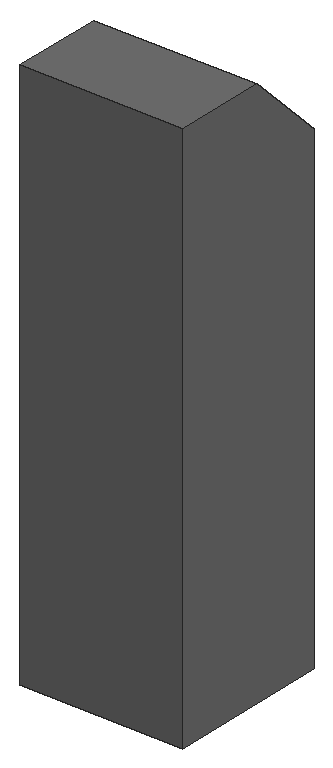
Revit family "Subwoofer-Meyer_Sound-USW_210P", category Communication Devices, host Face, Revit 2015
Parameters (values of type "USW-210P")
  z angle Twist [instance] = if(Has MUB Mount, 0.00°, 90.00°)  # 90.00°
  z Wall Speaker on Side Right [instance] = 1 = 0  # no
  z Wall Speaker on Side Left [instance] = 1 = 0  # no
  z Visible Sub Mub [instance] = if(z Error, 1 = 0, if(Has MUB Mount, 1 = 1, 1 = 0))  # no
  z Visible Sub Base Plate [instance] = if(z Error, 1 = 0, if(Has Sub Base Plate, 1 = 1, 1 = 0))  # no
  z Visible Speaker [instance] = if(z Error, 1 = 0, 1 = 1)  # yes
  z Visible Rain Hood [instance] = if(z Error, 1 = 0, if(Has Rain Hood, 1 = 1, 1 = 0))  # no
  z Speaker on Back [instance] = 1 = 0  # no
  z Ref [instance] = if(Speaker is Upside Down, 0.000", 0.000")  # 0.000"
  z Offset Height [instance] = if(Has MUB Mount, 9.390", if(Has Sub Base Plate, 21.015", if(and(Speaker is Upright, z Visible Sub Mub), 20.640", if(z ANGLE = 90.00°, 20.415", if(z ANGLE = 270.00°, 20.415", 6.000")))))  # 20.415"
  z Masking Region Right Upside Down Visible [instance] = 1 = 0  # no
  z Masking Region Right Upright Visible [instance] = if(and(Speaker is Upright, Has MUB Mount), 1 = 0, if(Speaker on Side Right, 1 = 1, if(Speaker on Side Left, 1 = 1, if(Speaker is Upright, 1 = 1, if(Speaker is Upside Down, 1 = 1, 1 = 0)))))  # yes
  z Masking Region Right Back Visible [instance] = if(Has MUB Mount, 1 = 1, 1 = 0)  # no
  z Masking Region Hood Right [instance] = and(not(z Error), Speaker on Side Right, Has Rain Hood)  # no
  z Masking Region Hood MUB [instance] = and(not(z Error), Has MUB Mount, Has Rain Hood)  # no
  z Masking Region Hood Left [instance] = and(not(z Error), Speaker on Side Left, Has Rain Hood)  # no
  z Error Width [instance] = if(z Error, Width, 1.000")  # 1.000"
  z Error Message [instance] = if(and(or(Speaker is Upright, Speaker is Upside Down, Speaker on Side Left, Speaker on Side Right), Has MUB Mount), "Error: Deselect the Speaker Orientation Option to Utilize the MUB Mount", if(and(Has Sub Base Plate, or(Speaker on Side Left, Speaker on Side Right)), "Error: Speaker Must Be In a Vertical Orientation to Utilize the Base Plate", if(and(Has Sub Base Plate, Has MUB Mount), "Error: Select One Mounting Option", if((if(Speaker is Upright, 1, 0) + if(Speaker is Upside Down, 1, 0) + if(Speaker on Side Left, 1, 0) + if(Speaker on Side Right, 1, 0)) > 1, "Error: Select One Speaker Orientation", if(not((if(Speaker is Upright, 1, 0) + if(Speaker is Upside Down, 1, 0) + if(Speaker on Side Left, 1, 0) + if(Speaker on Side Right, 1, 0) + if(Has MUB Mount, 1, 0)) = 1), "Error: Select a Speaker Orientation or Mounting Option", if(and(Has Rain Hood, or(Speaker is Upright, Speaker is Upside Down)), "Error: The Rain Hood is Not Available with the Upright or Upside Down Configurations", "Available"))))))  # "Available"
  z Error Height [instance] = if(z Error, Height, 1.000")  # 1.000"
  z Error Depth [instance] = if(z Error, Depth, 1.000")  # 1.000"
  z Error [instance] = if(and(or(Speaker is Upright, Speaker is Upside Down, Speaker on Side Left, Speaker on Side Right), Has MUB Mount), 1 = 1, if(and(Has Sub Base Plate, or(Speaker on Side Left, Speaker on Side Right)), 1 = 1, if(and(Has Sub Base Plate, Has MUB Mount), 1 = 1, if((if(Speaker is Upright, 1, 0) + if(Speaker is Upside Down, 1, 0) + if(Speaker on Side Left, 1, 0) + if(Speaker on Side Right, 1, 0)) > 1, 1 = 1, if(not((if(Speaker is Upright, 1, 0) + if(Speaker is Upside Down, 1, 0) + if(Speaker on Side Left, 1, 0) + if(Speaker on Side Right, 1, 0) + if(Has MUB Mount, 1, 0)) = 1), 1 = 1, if(and(Has Rain Hood, or(Speaker is Upright, Speaker is Upside Down)), 1 = 1, 1 = 0))))))  # no
  z Back Tilt Angle [instance] = 0.00°  # constant formula
  z ANGLE [instance] = if(Has MUB Mount, 180.00°, if(Speaker is Upside Down, 270.00°, if(Speaker on Side Left, 0.00°, if(Speaker on Side Right, 180.00°, 90.00°))))  # 90.00°
  Width [instance] = if(or(Speaker is Upright, Speaker is Upside Down), 12.000", if(or(Speaker on Side Left, Speaker on Side Right), 41.330", 12.000"))  # 12.000"
  Weight = 0.00 lbf
  URL = "https://www.meyersound.com/"
  Speaker on Side Right [instance] = no
  Speaker on Side Left [instance] = no
  Speaker is Upside Down [instance] = no
  Speaker is Upright [instance] = yes
  Speaker Tilt Angle [instance] = if(Has MUB Mount, if(Speaker Angle Desired < -90.00°, -90.00°, if(Speaker Angle Desired > 90.00°, 90.00°, Speaker Angle Desired)), 0.00°)  # 0.00°
  Speaker Angle Desired [instance] = 0.00°
  Product Page URL = ""
  Product Material = Plywood - Meyer Sound - Premium Birch - Black
  Product Documentation Link = ""
  Power Factor = 0
  Part Number [instance] = Model  # "USW-210P"
  Part Description [instance] = Description  # "Subwoofer"
  Original Creation Date = "October 7, 2018"  # constant formula
  Number of Poles = 1
  Model Disclaimer = "For More Information, Contact Meyer Sound Laboratories Inc."  # constant formula
  Model = "USW-210P"  # constant formula
  Manufacturer = "Meyer Sound Laboratories Inc."  # constant formula
  Load Classification = Other
  Height [instance] = if(or(Speaker is Upright, Speaker is Upside Down), 41.330", if(or(Speaker on Side Right, Speaker on Side Left), 12.000", 41.330"))  # 41.330"
  Has Sub Base Plate [instance] = no
  Has MUB Mount [instance] = no
  Has Rain Hood [instance] = no
  Family Version = "1.0"  # constant formula
  Equipment Number [instance] = ""
  Equipment Abbreviation = "AE"
  Description = "Subwoofer"  # constant formula
  Depth [instance] = if(or(Speaker is Upright, Speaker is Upside Down), 12.000", 12.000")  # 12.000"
  Default Elevation = 48.000"
  Date Last Modified = "October 7, 2018"  # constant formula
  Copyright = "Copyright © Meyer Sound Laboratories Inc."  # constant formula
  Configuration [instance] = if(z Error, z Error Message, "Available")  # "Available"
  Apparent Load [instance] = 0 VA
  Amperage [instance] = 0 A
  Accessory Part Number [instance] = if(and(Has MUB Mount, Has Rain Hood), "USW-210P MUB, USW-210P Rain Hood", if(and(Has Sub Base Plate, Has Rain Hood), "USW-210P Base Plate, USW-210P Rain Hood", if(Has Rain Hood, "USW-210P Rain Hood", if(Has MUB Mount, "USW-210P MUB", if(Has Sub Base Plate, "USW-210P Base Plate", "Not Selection Made")))))  # "Not Selection Made"
  AC Voltage [instance] = 0 V
Reference planes (in)
  plane 1 "Center (Front/Back)": y = 0
  plane 2: z = 0
  plane 3 "Center (Left/Right)": x = 0
  plane 4: z = 20.415
  plane 5 "z Ref": z = 0
Forms (in)
  Extrusion 1, solid, material "Error Box", visible <- "z Error"
    sketch origin (0, 0, 0) x (1, 0, 0) y (0, 1, 0)
      loop
        line (-0.5, 0.5) -> (-0.5, -0.5) -> (0.5, -0.5) -> (0.5, 0.5) -> (-0.5, 0.5)
    from 0 to 1
Lines and regions (in)
  Masking region 1, visible <- "z Masking Region Hood Right"
    outline origin (-60, -180, 20.415) x (-1, 0, 0) y (0, -1, 0)
      loop
        line (-75.74126, -185.14374) -> (-79.14598, -181.73902) -> (-79.61721, -182.21025)
        arc (-79.61721, -182.21025) -> (-79.61721, -185.61497) -> (-76.2125, -185.61497) r 2.4075
        line (-76.2125, -185.61497) -> (-75.74126, -185.14374)
  Masking region 2, visible <- "z Masking Region Hood Left"
    outline origin (-60, -180, 20.415) x (-1, 0, 0) y (0, -1, 0)
      loop
        line (-44.25874, -185.14374) -> (-43.7875, -185.61497)
        arc (-43.7875, -185.61497) -> (-40.38279, -185.61497) -> (-40.38279, -182.21025) r 2.4075
        line (-40.38279, -182.21025) -> (-40.85402, -181.73902) -> (-44.25874, -185.14374)
  Masking region 3, visible <- "z Masking Region Hood MUB"
    outline origin (0, 0, 0) x (1, 0, 0) y (0, 0, 1)
      loop
        line (15.74126, 4.24626) -> (16.2125, 3.77503)
        arc (16.2125, 3.77503) -> (19.61721, 3.77503) -> (19.61721, 7.17975) r 2.4075
        line (19.61721, 7.17975) -> (19.14598, 7.65098) -> (15.74126, 4.24626)
  reference lines
    curve 1: line (0, 0, 20.415) -> (0, 0, 10.915)
    curve 2: line (0, 0, 20.415) -> (-5.5, 0, 20.415)
Dimensions and locks (in)
  "z Offset Height": plane 4 to plane 5 "z Ref"
  "z Ref": plane 2 to plane 5 "z Ref"
  equal spacing: Extrusion 1 sketch curve, plane 3 "Center (Left/Right)", Extrusion 1 sketch curve
  equal spacing: Extrusion 1 sketch curve, plane 1 "Center (Front/Back)", Extrusion 1 sketch curve
  "z Error Depth": Extrusion 1 sketch curve to Extrusion 1 sketch curve
  "z Error Width": Extrusion 1 sketch curve to Extrusion 1 sketch curve
  "z Error Height": Extrusion 1 to plane 2
  plane 3 "Center (Left/Right)" to Masking region 1 sketch curve to Masking region 1 sketch curve to Masking region 1 sketch curve to Masking region 1 sketch curve to Masking region 1 sketch curve = 15.74126" locked, 0.47123" locked, 1.70236" locked, 1.23113" locked, 0.47123" locked
  plane 1 "Center (Front/Back)" to Masking region 1 sketch curve to Masking region 1 sketch curve to Masking region 1 sketch curve to Masking region 1 sketch curve = 1.73902" locked, 0.47123" locked, 2.93348" locked, 0.47123" locked
  Masking region 2 sketch curve to Masking region 2 sketch curve to Masking region 2 sketch curve to Masking region 2 sketch curve to Masking region 2 sketch curve to plane 3 "Center (Left/Right)" = 0.47123" locked, 1.23113" locked, 1.70236" locked, 0.47123" locked, 15.74126" locked
  plane 1 "Center (Front/Back)" to Masking region 2 sketch curve to Masking region 2 sketch curve to Masking region 2 sketch curve to Masking region 2 sketch curve = 1.73902" locked, 0.47123" locked, 2.93348" locked, 0.47123" locked
  Masking region 3 sketch curve to Masking region 3 sketch curve to Masking region 3 sketch curve to Masking region 3 sketch curve to Masking region 3 sketch curve to plane 3 "Center (Left/Right)" = 0.47123" locked, 1.23113" locked, 1.70236" locked, 0.47123" locked, 15.74126" locked
  Masking region 3 sketch curve to Masking region 3 sketch curve to Masking region 3 sketch curve to Masking region 3 sketch curve to plane 2 = 0.47123" locked, 2.93348" locked, 0.47123" locked, 3.77503" locked
  "z ANGLE": angle curve 2 to curve 1
  "z angle Twist": angle plane 4 to curve 1
  aligned and locked: plane 2 to host face
  aligned and locked: level to host face
  aligned and locked: Extrusion 1 to plane 2
  aligned and locked: plane 4 to curve 1
  aligned and locked: plane 1 "Center (Front/Back)" to curve 1
  aligned and locked: curve 2 to curve 1  (x2)
Automatic sketch dimensions
  host sketch curve to host sketch curve = 1.000"  (x2)
Nested families (in)
  nested 1: "APL Subwoofer" at (0, -0.28, 20.415), angle <- "z Back Tilt Angle", speaker tilt angle <- "Speaker Tilt Angle", visible <- "z Visible Speaker", Speaker Material <- "Product Material", Speaker Trim Material <- "Product Material", type "Standard"
    with z Masking Region Right Upside Down Visible no, z Masking Region Right Upright Visible yes, z Masking Region Right Back Visible no, speaker tilt angle 0.00°, angle 0.00°, Speaker Trim Material Plywood - Meyer Sound - Premium Birch - Black, Speaker Screen Material Speaker Mesh - Meyer Sound - Black, Speaker Material Plywood - Meyer Sound - Premium Birch - Black, Masking Region Offset Front 0.000", Masking Region Length 12.500", Masking Region Front Top 20.415", Masking Region Front Bottom 20.415", Height 0.000"
  nested 2: "APL Sub MUB" at (0, -2.405, 10) x (0, 1, 0) z (-1, 0, 0), visible <- "z Visible Sub Mub", Product Material <- "Product Material", type "Standard"
    with Product Material Plywood - Meyer Sound - Premium Birch - Black
  nested 3: "APL Sub Base Plate" at (0, 0, 0), visible <- "z Visible Sub Base Plate", Product Material <- "Product Material", type "Standard"
    with Product Material Plywood - Meyer Sound - Premium Birch - Black
  nested 4: "APL Sub Hood" at (0, 3.44315, 37.85685) x (-1, 0, 0) z (0, 0.7071, 0.7071), visible <- "z Visible Rain Hood", Product Material <- "Product Material", type "Standard"
    with Product Material Plywood - Meyer Sound - Premium Birch - Black
Connectors (in)
  electrical at (0, 3.095, 38.205), driven by "Number of Poles", driven by "Load Classification", driven by "AC Voltage", driven by "Apparent Load", driven by "Power Factor"
    settings: on nested 1, index 1, voltage 0 V, apparent load 0 VA, apparent load phase1 0 VA, apparent load phase2 0 VA, apparent load phase3 0 VA, power factor 0, load classification "Other", number of poles 1, system type 30, power factor state 1, is connector primary yes, connector utility no, sub classification motor no, connector description "Power Connector"
  electrical at (0, 3.095, 38.205)
    settings: on nested 1, index 2, voltage 0 V, apparent load 0 VA, apparent load phase1 0 VA, apparent load phase2 0 VA, apparent load phase3 0 VA, power factor 1, load classification "Other", number of poles 1, system type 5, power factor state 1, is connector primary no, connector utility no, sub classification motor no, connector description "Data Connector"
Definition of nested family "APL Subwoofer"
  Parameters (values of type "Standard")
    z Masking Region Right Upside Down Visible [instance] = yes
    z Masking Region Right Upright Visible [instance] = yes
    z Masking Region Right Back Visible [instance] = yes
    speaker tilt angle [instance] = 0.00°
    angle [instance] = 0.00°
    Speaker Trim Material [instance] = none
    Speaker Screen Material [instance] = none
    Speaker Material [instance] = none
    Masking Region Offset Front [instance] = if(angle = 90.00°, 6.000", if(angle = 180.00°, 46.000", 0.000"))  # 0.000"
    Masking Region Length [instance] = if(angle = 90.00°, 41.330", 12.500")  # 12.500"
    Masking Region Front Top [instance] = if(angle = 90.00°, 6.000", 20.415")  # 20.415"
    Masking Region Front Bottom [instance] = if(angle = 90.00°, 6.000", 20.415")  # 20.415"
    Height [instance] = if(angle = 0.00°, 0.000", if(angle = 180.00°, 0.000", 6.000"))  # 0.000"
    Default Elevation = 48.000"
    Back Angle = 0.00°
  Reference planes (in)
    plane 1 "Center (Front/Back)": y = 0
    plane 2: z = 0
    plane 3 "Center (Left/Right)": x = 0
    plane 4: z = 0
    plane 5 "Offset Front": z = 0
  Forms (in)
    Extrusion 1, solid, material <- "Speaker Material"
      sketch origin (0, 0, 0) x (0, 1, 0) y (0, 0, 1)
        loop
          line (-6, 20.415) -> (-6, -20.415) -> (6, -20.415) -> (6, 15.165) -> (0.75, 20.415) -> (-6, 20.415)
      from -6 to 6
  Lines and regions (in)
    Masking region 1
      outline origin (0, 0, 0) x (1, 0, 0) y (0, 1, 0)
        loop
          line (-6.25, 6.25) -> (-6.25, -6.25) -> (6.25, -6.25) -> (6.25, 6.25) -> (-6.25, 6.25)
    Masking region 2
      outline origin (0, 0, 0) x (1, 0, 0) y (0, 0, 1)
        loop
          line (-6, 20.415) -> (-6, -20.415) -> (6, -20.415) -> (6, 20.415) -> (-6, 20.415)
    Masking region 3, visible <- "z Masking Region Right Upright Visible"
      outline origin (0, 14.66406, -12.32813) x (0, 1, 0) y (0, 0, 1)
        loop
          line (-8.66406, -8.08687) -> (-8.66406, 27.49312) -> (-13.91406, 32.74312) -> (-20.66406, 32.74312) -> (-20.66406, -8.08687) -> (-8.66406, -8.08687)
    Masking region 4, visible <- "z Masking Region Right Back Visible"
      outline origin (0, 0, 0) x (0, 1, 0) y (0, 0, 1)
        loop
          line (-20.41448, 6) -> (-20.41448, -6.00061) -> (15.16012, -6.00061) -> (20.415, 0) -> (20.415, 6) -> (-20.41448, 6)
    Masking region 5, visible <- "z Masking Region Right Upside Down Visible"
      outline origin (0, -14.66406, 104.32813) x (0, -1, 0) y (0, 0, -1)
        loop
          line (-8.66406, 83.91313) -> (-8.66406, 119.49312) -> (-13.91406, 124.74313) -> (-20.66406, 124.74312) -> (-20.66406, 83.91313) -> (-8.66406, 83.91313)
    reference lines
      curve 1: line (0, 0, 0) -> (0, 23, 0)
  Dimensions and locks (in)
    Extrusion 1 sketch curve to Extrusion 1 sketch curve = 40.830"
    "Height": plane 4 to plane 2
    equal spacing: Masking region 1, plane 1 "Center (Front/Back)", Masking region 1
    "Masking Region Length": Masking region 1 to Masking region 1
    plane 5 "Offset Front" to plane 2 = 0.000"
    "Masking Region Offset Front": plane 5 "Offset Front" to plane 2
    "Masking Region Front Top": Masking region 2 sketch curve to plane 5 "Offset Front"
    "Masking Region Front Bottom": plane 5 "Offset Front" to Masking region 2 sketch curve
    locked: Masking region 3 sketch curve to Masking region 3 sketch curve at 40.83
    locked: Masking region 3 sketch curve to Masking region 3 sketch curve at 12
    locked: Masking region 3 sketch curve to Masking region 3 sketch curve at 7.42462
    locked: plane 5 "Offset Front" to Masking region 3 at 20.415
    locked: Masking region 3 to plane 5 "Offset Front" at 20.415
    locked: Masking region 3 to plane 1 "Center (Front/Back)" at 6
    locked: plane 1 "Center (Front/Back)" to Masking region 3 at 6
    locked: Masking region 4 sketch curve to Masking region 4 sketch curve at 12.00061
    locked: Masking region 4 sketch curve to Masking region 4 sketch curve at 40.82948
    locked: Masking region 4 sketch curve to Masking region 4 sketch curve at 7.97629
    locked: Masking region 4 sketch curve to Masking region 4 sketch curve at 6
    Masking region 5 sketch curve to plane 5 "Offset Front" to Masking region 5 sketch curve = 20.415" locked, 20.415" locked
    locked: Masking region 5 sketch curve to Masking region 5 sketch curve at 12
    locked: Masking region 5 sketch curve to Masking region 5 sketch curve at 7.42462
    "speaker tilt angle": angle plane 3 "Center (Left/Right)" to curve 1
    aligned and locked: plane 2 to level
    aligned and locked: plane 1 "Center (Front/Back)" to curve 1
    aligned and locked: plane 3 "Center (Left/Right)" to curve 1
  Automatic sketch dimensions
    Masking region 1 sketch curve to plane 3 "Center (Left/Right)" = 6.250"
    plane 3 "Center (Left/Right)" to Masking region 1 sketch curve = 6.250"
    plane 1 "Center (Front/Back)" to Masking region 1 sketch curve = 6.250"
    Masking region 1 sketch curve to plane 1 "Center (Front/Back)" = 6.250"
    plane 4 to Masking region 3 sketch curve = 20.415"
    plane 1 "Center (Front/Back)" to Masking region 3 sketch curve = 6.000"
    Masking region 3 sketch curve to plane 1 "Center (Front/Back)" = 0.750"
    plane 4 to Masking region 4 sketch curve = 0.000"
    plane 1 "Center (Front/Back)" to Masking region 4 sketch curve = 20.41448"
    Masking region 5 sketch curve to plane 1 "Center (Front/Back)" = 6.000"
    plane 1 "Center (Front/Back)" to Masking region 5 sketch curve = 0.750"
    Extrusion 1 sketch curve to curve 1 = 6.000"
    curve 1 to Extrusion 1 sketch curve = 0.750"
    curve 1 to Extrusion 1 sketch curve = 6.000"
    Extrusion 1 sketch curve to curve 1 = 20.415"
    curve 1 to Extrusion 1 sketch curve = 15.165"
    Masking region 2 sketch curve to plane 3 "Center (Left/Right)" = 6.000"
    plane 3 "Center (Left/Right)" to Masking region 2 sketch curve = 6.000"
Definition of nested family "APL Sub MUB"
  Parameters (values of type "Standard")
    Product Material [instance] = none
    Default Elevation = 48.000"
  Reference planes (in)
    plane 1 "Center (Front/Back)": y = 0
    plane 2: z = 0
    plane 3 "Center (Left/Right)": x = 0
    plane 4: y = -6
    plane 5: y = 6
    plane 6: z = 21.2
  Forms (in)
    Extrusion 1, solid
      sketch origin (0, 0, 0) x (1, 0, 0) y (0, 1, 0)
        loop
          line (-48, 48) -> (-48, -48) -> (48, -48) -> (48, 48) -> (-48, 48)
      from 0 to -12
    Extrusion 2, solid, material <- "Product Material"
      sketch origin (0, 0, -38.38) x (0, 1, 0) y (0, 0, 1)
        loop
          line (10, 17.03076) -> (10, 59.72924) -> (6, 59.72924) -> (4.51, 59.33) -> (-1.99, 59.33) -> (-1.99, 59.05) -> (4.51, 59.05) -> (5.95889, 59.43823) -> (9.75, 59.43823) -> (9.75, 17.32177) -> (5.95889, 17.32177) -> (4.51, 17.71) -> (-1.99, 17.71) -> (-1.99, 17.43) -> (4.51, 17.43) -> (6, 17.03076) -> (10, 17.03076)
      from 0 to 4.81
  Lines and regions (in)
    Masking region 1
      outline origin (0, 10, 21.2) x (1, 0, 0) y (0, 1, 0)
        loop
          line (0, 0) -> (0, -12.38) -> (4.81, -12.38) -> (4.81, 0) -> (0, 0)
    Masking region 2
      outline origin (0, 0, 0) x (0, 1, 0) y (0, 0, 1)
        loop
          line (-1.99, 20.95) -> (-1.99, 20.67) -> (4.51, 20.67) -> (5.95889, 21.05823) -> (9.75, 21.05823) -> (9.75, -21.05823) -> (5.95889, -21.05823) -> (4.51, -20.67) -> (-1.99, -20.67) -> (-1.99, -20.95) -> (4.51, -20.95) -> (6, -21.34924) -> (10, -21.34924) -> (10, 21.34924) -> (6, 21.34924) -> (4.51, 20.95) -> (-1.99, 20.95)
  Dimensions and locks (in)
    plane 4 to plane 1 "Center (Front/Back)" = 6.000"
    plane 1 "Center (Front/Back)" to plane 5 = 6.000"
    locked: plane 4 to Extrusion 2 sketch curve at 4.01
    Extrusion 2 to Extrusion 1 = 20.670"
    locked: Extrusion 2 sketch curve to Extrusion 2 sketch curve at 0.28  (x2)
    locked: Extrusion 2 to Extrusion 2 at 4.81
    aligned and locked: plane 2 to Extrusion 1
    aligned and locked: level to Extrusion 1
Definition of nested family "APL Sub Base Plate"
  Parameters (values of type "Standard")
    Product Material [instance] = none
    Length = 15.000"
    Default Elevation = 48.000"
  Reference planes (in)
    plane 1 "Center (Front/Back)": y = 0
    plane 2: z = 0
    plane 3 "Center (Left/Right)": x = 0
  Forms (in)
    Extrusion 1, solid, material <- "Product Material"
      sketch origin (0, -2.07817, 0) x (1, 0, 0) y (0, 1, 0)
        loop
          line (-6.5, -5.42183) -> (6.5, -5.42183)
          arc (6.5, -5.42183) -> (7.20711, -5.12893) -> (7.5, -4.42183) r 1
          line (7.5, -4.42183) -> (7.5, 8.57817)
          arc (7.5, 8.57817) -> (7.20711, 9.28528) -> (6.5, 9.57817) r 1
          line (6.5, 9.57817) -> (-6.5, 9.57817)
          arc (-6.5, 9.57817) -> (-7.20711, 9.28528) -> (-7.5, 8.57817) r 1
          line (-7.5, 8.57817) -> (-7.5, -4.42183)
          arc (-7.5, -4.42183) -> (-7.20711, -5.12893) -> (-6.5, -5.42183) r 1
      from 0 to 0.6
  Dimensions and locks (in)
    "Length": Extrusion 1 sketch curve to Extrusion 1 sketch curve  (x2)
    Extrusion 1 to level = 0.600"
    equal spacing: Extrusion 1 sketch curve, plane 3 "Center (Left/Right)", Extrusion 1 sketch curve
    equal spacing: Extrusion 1 sketch curve, plane 1 "Center (Front/Back)", Extrusion 1 sketch curve
    aligned and locked: plane 2 to level
  Automatic sketch dimensions
    Extrusion 1 sketch curve to Extrusion 1 sketch curve = 1.000"  (x4)
Definition of nested family "APL Sub Hood"
  Parameters (values of type "Standard")
    Product Material [instance] = none
    Default Elevation = 48.000"
  Reference planes (in)
    plane 1 "Center (Front/Back)": y = 0
    plane 2: z = 0
    plane 3 "Center (Left/Right)": x = 0
  Forms (in)
    Extrusion 1, solid
      sketch origin (0, 0, 0) x (1, 0, 0) y (0, 1, 0)
        loop
          line (-48, 48) -> (-48, -48) -> (48, -48) -> (48, 48) -> (-48, 48)
      from 0 to -12
    Extrusion 2, solid, material <- "Product Material"
      sketch origin (0, 0, 0) x (0, 1, 0) y (0, 0, 1)
        loop
          line (-2.405, 0) -> (2.41, 0) -> (2.41, 0.66643)
          arc (2.41, 0.66643) -> (0.0025, 3.07393) -> (-2.405, 0.66643) r 2.4075
          line (-2.405, 0.66643) -> (-2.405, 0)
      from -3.2 to 3.2
  Dimensions and locks (in)
    Extrusion 2 to plane 3 "Center (Left/Right)" to Extrusion 2 = 3.200", 3.200"
    Extrusion 2 sketch curve to plane 1 "Center (Front/Back)" to Extrusion 2 sketch curve = 2.405", 2.410"
    plane 1 "Center (Front/Back)" to Extrusion 2 = 2.410"
    aligned and locked: plane 2 to Extrusion 1
    aligned and locked: level to Extrusion 1
